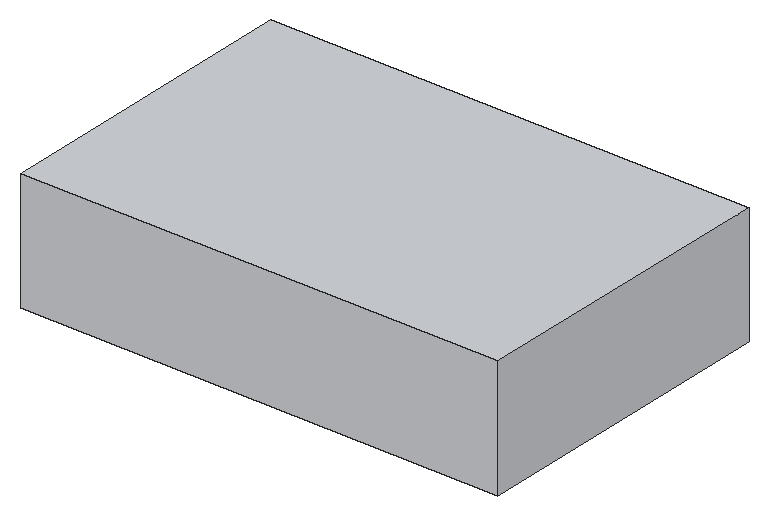
Revit family "box_test", category Generic Models, Revit 2022
Family settings
  Can host rebar = No
  Round Connector Dimension = Use Diameter
  Part Type = Normal
  Work Plane-Based = No
  Always vertical = Yes
  Cut with Voids When Loaded = No
  Maintain Annotation Orientation = No
  Shared = No
  Room Calculation Point = No
Parameters
  박스가로 = 2749 mm
  Default Elevation = 0 mm
Reference planes
  plane 1 "Center (Front/Back)": y = 0
  plane 2: z = 0
  plane 3 "Center (Left/Right)": x = 0
  plane 4: x = -1263.908
  plane 5: x = 1485.092
Forms (mm)
  Extrusion 1, solid
    sketch origin (0, 0, 0) x (1, 0, 0) y (0, 1, 0)
      loop
        line (-1263.908, 868.937) -> (-1263.908, -931.063) -> (1485.092, -931.063) -> (1485.092, 868.937) -> (-1263.908, 868.937)
    from 0 to 693.273
Dimensions and locks
  "박스가로": plane 4 to plane 5
  aligned and locked: level to plane 2
  aligned and locked: Extrusion 1 to plane 4
  aligned and locked: plane 5 to Extrusion 1
Automatic sketch dimensions
  plane 4 to Extrusion 1 sketch curve = 0 mm
  Extrusion 1 sketch curve to plane 5 = 0 mm
  plane 1 "Center (Front/Back)" to Extrusion 1 sketch curve = 931.063 mm
  Extrusion 1 sketch curve to plane 1 "Center (Front/Back)" = 868.937 mm
